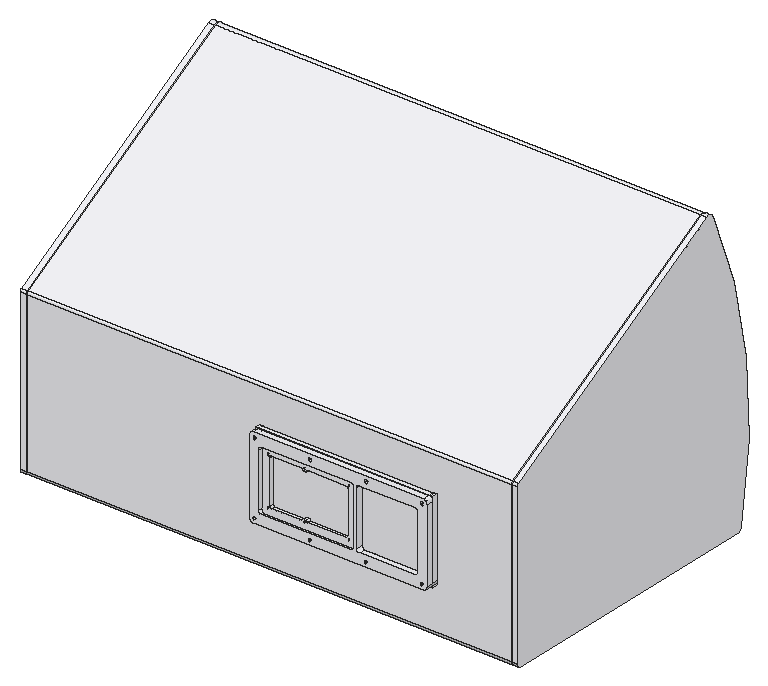
Revit family "EVU-1082", category Communication Devices, Revit 2017 (continued)
Definition of nested family "InputPanel_small"
  Lines and regions (mm)
    model lines
      curve 1018: line (-29.388, -4.337, 44.73) -> (-28.702, -4.337, 45.289)
      curve 1019: line (-28.702, -4.337, 45.289) -> (-27.893, -4.337, 45.486)
      curve 1020: line (-27.893, -4.337, 45.486) -> (-27.083, -4.337, 45.289)
      curve 1021: line (-27.083, -4.337, 45.289) -> (-26.397, -4.337, 44.729)
      curve 1022: line (-26.397, -4.337, 44.729) -> (-25.943, -4.337, 43.898)
      curve 1023: line (-25.939, -4.337, 43.892) -> (-25.655, -4.337, 42.903)
      curve 1024: line (-25.655, -4.337, 42.903) -> (-24.963, -4.337, 42.903)
      curve 1025: line (-24.963, -4.337, 42.903) -> (-22.846, -4.337, 42.903)
      curve 1026: line (-22.846, -4.337, 42.903) -> (-22.846, -4.337, 46.056)
      curve 1027: line (-25.779, -4.337, 30.291) -> (-25.941, -4.337, 29.303)
      curve 1028: line (-25.941, -4.337, 29.303) -> (-26.399, -4.337, 28.465)
      curve 1029: line (-26.399, -4.337, 28.465) -> (-27.085, -4.337, 27.905)
      curve 1030: line (-27.085, -4.337, 27.905) -> (-27.895, -4.337, 27.709)
      curve 1031: line (-27.895, -4.337, 27.709) -> (-28.704, -4.337, 27.906)
      curve 1032: line (-28.704, -4.337, 27.906) -> (-29.39, -4.337, 28.465)
      curve 1033: line (-29.39, -4.337, 28.465) -> (-29.849, -4.337, 29.303)
      curve 1034: line (-29.849, -4.337, 29.303) -> (-30.01, -4.337, 30.291)
      curve 1035: line (-30.01, -4.337, 30.291) -> (-29.849, -4.337, 31.279)
      curve 1036: line (-29.849, -4.337, 31.279) -> (-29.39, -4.337, 32.117)
      curve 1037: line (-29.39, -4.337, 32.117) -> (-28.704, -4.337, 32.677)
      curve 1038: line (-28.704, -4.337, 32.677) -> (-27.894, -4.337, 32.873)
      curve 1039: line (-27.894, -4.337, 32.873) -> (-27.085, -4.337, 32.676)
      curve 1040: line (-27.085, -4.337, 32.676) -> (-26.399, -4.337, 32.117)
      curve 1041: line (-26.399, -4.337, 32.117) -> (-25.944, -4.337, 31.286)
      curve 1042: line (-25.94, -4.337, 31.279) -> (-25.657, -4.337, 30.291)
      curve 1043: line (-25.657, -4.337, 30.291) -> (-24.965, -4.337, 30.291)
      curve 1044: line (-24.965, -4.337, 30.291) -> (-22.847, -4.337, 30.29)
      curve 1045: line (-22.847, -4.337, 30.29) -> (-22.848, -4.337, 36.486)
      curve 1046: line (-28.709, -4.337, 20.832) -> (-28.921, -4.337, 20.832)
      curve 1047: line (-28.921, -4.337, 20.832) -> (-28.921, -4.337, 21.175)
      curve 1048: line (-28.842, -4.337, 21.313) -> (-28.709, -4.337, 21.439)
      curve 1049: line (-28.709, -4.337, 21.439) -> (-28.709, -4.337, 20.832)
      curve 1050: line (-28.709, -4.337, 20.832) -> (-27.082, -4.337, 20.831)
      curve 1051: line (-27.082, -4.337, 20.831) -> (-27.082, -4.337, 21.438)
      curve 1052: line (-27.081, -4.337, 27.746) -> (-27.082, -4.337, 26.531)
      curve 1053: line (-27.081, -4.337, 34.051) -> (-27.081, -4.337, 32.836)
      curve 1054: line (-27.08, -4.337, 40.358) -> (-27.08, -4.337, 39.143)
      curve 1055: line (-28.706, -4.337, 46.057) -> (-28.918, -4.337, 46.057)
      curve 1056: line (-28.918, -4.337, 46.057) -> (-28.918, -4.337, 45.691)
      curve 1057: line (-28.839, -4.337, 45.575) -> (-28.706, -4.337, 45.449)
      curve 1058: line (-28.706, -4.337, 45.449) -> (-28.706, -4.337, 46.057)
      curve 1059: line (-28.706, -4.337, 46.057) -> (-27.079, -4.337, 46.057)
      curve 1060: line (-27.079, -4.337, 46.057) -> (-27.079, -4.337, 45.449)
      curve 1061: line (-28.919, -4.337, 40.095) -> (-28.915, -4.337, 39.417)
      curve 1062: line (-28.84, -4.337, 39.27) -> (-28.707, -4.337, 39.144)
      curve 1063: line (-28.707, -4.337, 39.144) -> (-28.707, -4.337, 40.359)
      curve 1064: line (-28.707, -4.337, 40.359) -> (-28.84, -4.337, 40.232)
      curve 1065: line (-28.708, -4.337, 34.051) -> (-28.708, -4.337, 32.836)
      curve 1066: line (-28.708, -4.337, 32.836) -> (-28.841, -4.337, 32.963)
      curve 1067: line (-28.92, -4.337, 33.078) -> (-28.919, -4.337, 33.787)
      curve 1068: line (-28.841, -4.337, 33.925) -> (-28.708, -4.337, 34.051)
      curve 1069: line (-28.92, -4.337, 27.482) -> (-28.917, -4.337, 26.804)
      curve 1070: line (-28.842, -4.337, 26.657) -> (-28.709, -4.337, 26.531)
      curve 1071: line (-28.709, -4.337, 26.531) -> (-28.708, -4.337, 27.746)
      curve 1072: line (-28.708, -4.337, 27.746) -> (-28.842, -4.337, 27.62)
      curve 1073: line (-24.272, -4.337, 33.155) -> (-26.389, -4.337, 33.155)
      curve 1074: line (-26.389, -4.337, 33.155) -> (-26.389, -4.337, 33.732)
      curve 1075: line (-26.389, -4.337, 33.732) -> (-24.272, -4.337, 33.731)
      curve 1076: line (-24.272, -4.337, 33.731) -> (-24.272, -4.337, 33.155)
      curve 1077: line (-24.271, -4.337, 39.462) -> (-24.271, -4.337, 40.039)
      curve 1078: line (-24.271, -4.337, 40.039) -> (-26.388, -4.337, 40.039)
      curve 1079: line (-26.388, -4.337, 40.039) -> (-26.388, -4.337, 39.463)
      curve 1080: line (-26.388, -4.337, 39.463) -> (-24.271, -4.337, 39.462)
      curve 1081: line (-24.272, -4.337, 26.85) -> (-24.272, -4.337, 27.426)
      curve 1082: line (-24.272, -4.337, 27.426) -> (-26.39, -4.337, 27.426)
      curve 1083: line (-26.39, -4.337, 27.426) -> (-26.39, -4.337, 26.85)
      curve 1084: line (-26.39, -4.337, 26.85) -> (-24.272, -4.337, 26.85)
      curve 1085: line (-26.388, -4.337, 46.057) -> (-24.27, -4.337, 46.056)
      curve 1086: line (-24.27, -4.337, 46.056) -> (-24.27, -4.337, 45.768)
      curve 1087: line (-24.27, -4.337, 45.768) -> (-26.388, -4.337, 45.768)
      curve 1088: line (-26.388, -4.337, 45.768) -> (-26.388, -4.337, 46.057)
      curve 1089: line (-26.388, -4.337, 46.057) -> (-27.079, -4.337, 46.057)
      curve 1090: line (-27.082, -4.337, 20.831) -> (-26.391, -4.337, 20.831)
      curve 1091: line (-26.391, -4.337, 20.831) -> (-26.391, -4.337, 21.119)
      curve 1092: line (-26.391, -4.337, 21.119) -> (-24.273, -4.337, 21.119)
      curve 1093: line (-24.273, -4.337, 21.119) -> (-24.273, -4.337, 20.831)
      curve 1094: line (-24.273, -4.337, 20.831) -> (-26.391, -4.337, 20.831)
      curve 1095: line (-25.785, -4.337, 36.802) -> (-27.579, -4.337, 34.613)
      curve 1096: line (-27.579, -4.337, 34.613) -> (-27.088, -4.337, 34.281)
      curve 1097: line (-25.785, -4.337, 43.108) -> (-27.578, -4.337, 40.92)
      curve 1098: line (-27.578, -4.337, 40.92) -> (-27.087, -4.337, 40.587)
      curve 1099: line (-25.812, -4.337, 37.057) -> (-27.412, -4.337, 35.105)
      curve 1100: line (-27.412, -4.337, 35.105) -> (-27.981, -4.337, 35.105)
      curve 1101: line (-27.981, -4.337, 35.105) -> (-25.943, -4.337, 37.592)
      curve 1102: line (-25.812, -4.337, 43.363) -> (-27.411, -4.337, 41.411)
      curve 1103: line (-27.411, -4.337, 41.411) -> (-27.981, -4.337, 41.411)
      curve 1104: line (-27.981, -4.337, 41.411) -> (-25.943, -4.337, 43.898)
      curve 1105: line (-25.786, -4.337, 30.496) -> (-27.579, -4.337, 28.307)
      curve 1106: line (-27.579, -4.337, 28.307) -> (-27.088, -4.337, 27.974)
      curve 1107: line (-25.787, -4.337, 24.189) -> (-27.58, -4.337, 22.001)
      curve 1108: line (-27.58, -4.337, 22.001) -> (-27.089, -4.337, 21.668)
      curve 1109: line (-25.814, -4.337, 24.444) -> (-27.413, -4.337, 22.492)
      curve 1110: line (-27.413, -4.337, 22.492) -> (-27.983, -4.337, 22.492)
      curve 1111: line (-27.983, -4.337, 22.492) -> (-25.945, -4.337, 24.979)
      curve 1112: line (-25.813, -4.337, 30.75) -> (-27.412, -4.337, 28.798)
      curve 1113: line (-27.412, -4.337, 28.798) -> (-27.982, -4.337, 28.799)
      curve 1114: line (-27.982, -4.337, 28.799) -> (-25.944, -4.337, 31.286)
      curve 1115: line (-22.849, -4.337, 23.874) -> (-22.85, -4.337, 20.831)
      curve 1116: line (-22.85, -4.337, 20.831) -> (-17.426, -4.337, 20.83)
      curve 1117: line (-17.426, -4.337, 20.83) -> (-17.423, -4.337, 46.056)
      curve 1118: line (-17.423, -4.337, 46.056) -> (-22.846, -4.337, 46.056)
      curve 1119: line (-22.846, -4.337, 46.056) -> (-24.27, -4.337, 46.056)
      curve 1120: line (-24.27, -4.337, 46.056) -> (-21.157, -4.337, 46.184)
      curve 1121: line (-21.157, -4.337, 46.184) -> (-21.035, -4.337, 46.361)
      curve 1122: line (-24.273, -4.337, 20.831) -> (-22.85, -4.337, 20.831)
      curve 1123: line (-16.642, -4.337, 39.451) -> (-16.643, -4.337, 33.939)
      curve 1124: line (-16.643, -4.337, 33.939) -> (-12.428, -4.337, 33.939)
      curve 1125: line (-12.428, -4.337, 33.939) -> (-12.427, -4.337, 39.451)
      curve 1126: line (-12.427, -4.337, 39.451) -> (-16.642, -4.337, 39.451)
      curve 1127: line (-12.427, -4.337, 40.047) -> (-12.426, -4.337, 45.558)
      curve 1128: line (-12.426, -4.337, 45.558) -> (-16.641, -4.337, 45.559)
      curve 1129: line (-16.641, -4.337, 45.559) -> (-16.642, -4.337, 40.047)
      curve 1130: line (-16.642, -4.337, 40.047) -> (-12.427, -4.337, 40.047)
      curve 1131: line (-17.1, -4.337, 20.83) -> (-17.097, -4.337, 46.055)
      curve 1132: line (-17.097, -4.337, 46.055) -> (-11.97, -4.337, 46.055)
      curve 1133: line (-11.97, -4.337, 46.055) -> (-11.974, -4.337, 20.83)
      curve 1134: line (-11.974, -4.337, 20.83) -> (-17.1, -4.337, 20.83)
      curve 1135: line (-17.1, -4.337, 20.83) -> (-17.426, -4.337, 20.83)
      curve 1136: line (-16.644, -4.337, 26.839) -> (-16.644, -4.337, 21.327)
      curve 1137: line (-16.644, -4.337, 21.327) -> (-12.429, -4.337, 21.326)
      curve 1138: line (-12.429, -4.337, 21.326) -> (-12.428, -4.337, 26.838)
      curve 1139: line (-12.428, -4.337, 26.838) -> (-16.644, -4.337, 26.839)
      curve 1140: line (-12.428, -4.337, 27.434) -> (-12.428, -4.337, 32.946)
      curve 1141: line (-12.428, -4.337, 32.946) -> (-16.643, -4.337, 32.946)
      curve 1142: line (-16.643, -4.337, 32.946) -> (-16.644, -4.337, 27.434)
      curve 1143: line (-16.644, -4.337, 27.434) -> (-12.428, -4.337, 27.434)
      curve 1144: line (-17.097, -4.337, 46.055) -> (-17.423, -4.337, 46.056)
      curve 1145: line (-17.423, -4.337, 46.056) -> (-14.161, -4.337, 46.183)
      curve 1146: line (-14.161, -4.337, 46.183) -> (-14.039, -4.337, 46.36)
      curve 1147: line (-14.039, -4.337, 46.36) -> (-17.172, -4.337, 46.36)
      curve 1148: line (-17.172, -4.337, 46.36) -> (-17.294, -4.337, 46.183)
      curve 1149: line (-16.642, -4.337, 38.284) -> (-15.234, -4.337, 38.284)
      curve 1150: line (-15.234, -4.337, 38.284) -> (-14.908, -4.337, 38.972)
      curve 1151: line (-14.908, -4.337, 38.972) -> (-14.523, -4.337, 39.451)
      curve 1152: line (-16.644, -4.337, 25.672) -> (-15.235, -4.337, 25.671)
      curve 1153: line (-15.235, -4.337, 25.671) -> (-14.91, -4.337, 26.36)
      curve 1154: line (-14.91, -4.337, 26.36) -> (-14.525, -4.337, 26.838)
      curve 1155: line (-16.644, -4.337, 28.601) -> (-15.235, -4.337, 28.601)
      curve 1156: line (-15.235, -4.337, 28.601) -> (-14.91, -4.337, 27.913)
      curve 1157: line (-14.91, -4.337, 27.913) -> (-14.525, -4.337, 27.434)
      curve 1158: line (-16.642, -4.337, 41.214) -> (-15.234, -4.337, 41.214)
      curve 1159: line (-15.234, -4.337, 41.214) -> (-14.908, -4.337, 40.526)
      curve 1160: line (-14.908, -4.337, 40.526) -> (-14.523, -4.337, 40.047)
      curve 1161: line (-16.643, -4.337, 31.978) -> (-15.235, -4.337, 31.978)
      curve 1162: line (-15.235, -4.337, 31.978) -> (-14.909, -4.337, 32.666)
      curve 1163: line (-14.909, -4.337, 32.666) -> (-14.684, -4.337, 32.946)
      curve 1164: line (-16.642, -4.337, 44.591) -> (-15.233, -4.337, 44.59)
      curve 1165: line (-15.233, -4.337, 44.59) -> (-14.908, -4.337, 45.278)
      curve 1166: line (-14.908, -4.337, 45.278) -> (-14.682, -4.337, 45.559)
      curve 1167: line (-16.643, -4.337, 34.908) -> (-15.234, -4.337, 34.907)
      curve 1168: line (-15.234, -4.337, 34.907) -> (-14.909, -4.337, 34.219)
      curve 1169: line (-14.684, -4.337, 33.939) -> (-14.909, -4.337, 34.219)
      curve 1170: line (-14.909, -4.337, 34.219) -> (-14.908, -4.337, 38.972)
      curve 1171: line (-16.644, -4.337, 22.295) -> (-15.236, -4.337, 22.295)
      curve 1172: line (-15.236, -4.337, 22.295) -> (-14.911, -4.337, 21.607)
      curve 1173: line (-14.911, -4.337, 21.607) -> (-14.91, -4.337, 26.36)
      curve 1174: line (-14.685, -4.337, 21.327) -> (-14.911, -4.337, 21.607)
      curve 1175: line (-15.235, -4.337, 28.601) -> (-15.235, -4.337, 31.978)
      curve 1176: line (-15.234, -4.337, 41.214) -> (-15.233, -4.337, 44.59)
      curve 1177: line (-15.235, -4.337, 25.671) -> (-15.236, -4.337, 22.295)
      curve 1178: line (-15.234, -4.337, 38.284) -> (-15.234, -4.337, 34.907)
      curve 1179: line (-17.172, -4.337, 46.36) -> (-17.172, -4.337, 46.622)
      curve 1180: line (-17.172, -4.337, 46.622) -> (-14.039, -4.337, 46.621)
      curve 1181: line (-14.039, -4.337, 46.621) -> (-14.039, -4.337, 46.36)
      curve 1182: line (-17.172, -4.337, 46.622) -> (-17.753, -4.337, 46.622)
      curve 1183: line (-17.753, -4.337, 46.622) -> (-17.753, -4.337, 46.36)
      curve 1184: line (-17.753, -4.337, 46.36) -> (-17.631, -4.337, 46.183)
      curve 1185: line (-13.525, -4.337, 40.047) -> (-13.524, -4.337, 45.558)
      curve 1186: line (-13.527, -4.337, 27.434) -> (-13.526, -4.337, 32.946)
      curve 1187: line (-13.527, -4.337, 21.326) -> (-13.527, -4.337, 26.838)
      curve 1188: line (-13.526, -4.337, 33.939) -> (-13.525, -4.337, 39.451)
      curve 1189: line (-14.91, -4.337, 27.913) -> (-14.909, -4.337, 32.666)
      curve 1190: line (-14.908, -4.337, 40.526) -> (-14.908, -4.337, 45.278)
      curve 1191: line (-24.168, -4.337, 46.361) -> (-24.29, -4.337, 46.184)
      curve 1192: line (-24.168, -4.337, 46.622) -> (-24.168, -4.337, 46.361)
      curve 1193: line (-24.168, -4.337, 46.361) -> (-21.035, -4.337, 46.361)
      curve 1194: line (-21.035, -4.337, 46.361) -> (-21.035, -4.337, 46.622)
      curve 1195: line (-21.035, -4.337, 46.622) -> (-24.168, -4.337, 46.622)
      curve 1196: line (-24.168, -4.337, 46.622) -> (-24.749, -4.337, 46.623)
      curve 1197: line (-24.749, -4.337, 46.623) -> (-24.749, -4.337, 46.361)
      curve 1198: line (-24.749, -4.337, 46.361) -> (-24.627, -4.337, 46.184)
      curve 1199: line (-50.251, -4.337, 21.031) -> (-50.248, -4.337, 45.862)
      curve 1200: line (-50.193, -4.337, 45.807) -> (-50.196, -4.337, 21.086)
      curve 1201: line (-49.239, -4.337, 46.871) -> (-11.796, -4.337, 46.867)
      curve 1202: line (-11.851, -4.337, 46.812) -> (-49.184, -4.337, 46.816)
      curve 1203: line (-10.787, -4.337, 45.858) -> (-10.79, -4.337, 21.027)
      curve 1204: line (-10.79, -4.337, 21.029) -> (-10.842, -4.337, 45.803)
      curve 1205: line (-11.799, -4.337, 20.018) -> (-49.243, -4.337, 20.022)
      curve 1206: line (-49.188, -4.337, 20.077) -> (-11.854, -4.337, 20.073)
      curve 1207: line (-32.649, -4.337, 30.292) -> (-31.03, -4.337, 30.291)
      curve 1208: line (-31.03, -4.337, 30.291) -> (-30.696, -4.337, 30.291)
      curve 1209: line (-32.65, -4.337, 23.985) -> (-31.031, -4.337, 23.985)
      curve 1210: line (-31.031, -4.337, 23.985) -> (-30.698, -4.337, 23.985)
      curve 1211: line (-32.649, -4.337, 36.598) -> (-31.029, -4.337, 36.598)
      curve 1212: line (-31.029, -4.337, 36.598) -> (-30.696, -4.337, 36.598)
      curve 1213: line (-32.648, -4.337, 42.904) -> (-31.028, -4.337, 42.904)
      curve 1214: line (-31.028, -4.337, 42.904) -> (-30.695, -4.337, 42.904)
      curve 1215: line (-28.39, -4.337, 36.597) -> (-30.009, -4.337, 36.598)
      curve 1216: line (-30.009, -4.337, 36.598) -> (-30.343, -4.337, 36.598)
      curve 1217: line (-28.389, -4.337, 42.904) -> (-30.008, -4.337, 42.904)
      curve 1218: line (-30.008, -4.337, 42.904) -> (-30.341, -4.337, 42.904)
      curve 1219: line (-28.39, -4.337, 30.291) -> (-30.01, -4.337, 30.291)
      curve 1220: line (-30.01, -4.337, 30.291) -> (-30.343, -4.337, 30.291)
      curve 1221: line (-28.391, -4.337, 23.985) -> (-30.011, -4.337, 23.985)
      curve 1222: line (-30.011, -4.337, 23.985) -> (-30.344, -4.337, 23.985)
Definition of nested family "EV-L.dwg"
  Parameters (values of type "EV-L.dwg")
    Material = ""
    Default Elevation = 1219.20 mm
  Reference planes
    plane 1 "Center (Front/Back)": y = 0
    plane 2: z = 0
    plane 3 "Center (Left/Right)": x = 0
  Forms (mm)
    Extrusion 1, solid, not visible
      sketch origin (-18.843, -0.5, -73.012) x (-1, 0, 0) y (0, 0, 1)
        loop
          arc (-29.526, 84.261) -> (-30.141, 84.007) -> (-30.395, 83.392) r 0.869
          line (-30.395, 83.392) -> (-30.395, 62.633)
          arc (-30.395, 62.633) -> (-30.141, 62.018) -> (-29.526, 61.764) r 0.869
          line (-29.526, 61.764) -> (-8.052, 61.764)
          arc (-8.052, 61.764) -> (-7.438, 62.018) -> (-7.183, 62.633) r 0.869
          line (-7.183, 62.633) -> (-7.183, 83.392)
          arc (-7.183, 83.392) -> (-7.438, 84.007) -> (-8.052, 84.261) r 0.869
          line (-8.052, 84.261) -> (-29.526, 84.261)
      from 0 to -0.5
    Extrusion 2, solid
      sketch origin (-18.843, -5, -73.012) x (-1, 0, 0) y (0, 0, 1)
        loop
          line (-29.491, 83.392) -> (-29.491, 62.633) -> (-8.043, 62.633) -> (-8.043, 83.392) -> (-29.491, 83.392)
        loop
          line (-27.027, 79.951) -> (-27.027, 69.549) -> (-20.429, 69.549) -> (-20.429, 71.809) -> (-24.55, 71.809) -> (-24.55, 73.62) -> (-20.429, 73.62) -> (-20.429, 75.88) -> (-24.55, 75.88) -> (-24.55, 77.69) -> (-20.429, 77.69) -> (-20.429, 79.951) -> (-27.027, 79.951)
        loop
          line (-19.452, 75.88) -> (-19.452, 73.62) -> (-17.856, 73.62) -> (-17.856, 65.711) -> (-15.405, 65.711) -> (-9.782, 78.26) -> (-12.45, 78.26) -> (-15.379, 71.666) -> (-15.379, 75.88) -> (-19.452, 75.88)
      from 4.5 to 5
    Extrusion 3, solid
      sketch origin (-0.107, -1, 0) x (-1, 0, 0) y (0, 0, 1)
        loop
          line (10.366, 11.293) -> (-10.467, 11.293)
          arc (-10.467, 11.293) -> (-11.304, 10.947) -> (-11.651, 10.11) r 1.184
          line (-11.651, 10.11) -> (-11.651, -10.023)
          arc (-11.651, -10.023) -> (-11.304, -10.86) -> (-10.467, -11.207) r 1.184
          line (-10.467, -11.207) -> (10.366, -11.207)
          arc (10.366, -11.207) -> (11.203, -10.86) -> (11.549, -10.023) r 1.184
          line (11.549, -10.023) -> (11.549, 10.11)
          arc (11.549, 10.11) -> (11.203, 10.947) -> (10.366, 11.293) r 1.184
      from 0 to 0.5
Types (3, lengths in mm): name | ModelNumber | MaterialRALColour | LoudspeakerMaterial | CTN | GrillMaterial
  (no name) | "F.01U.216.254" | "RAL9010" | 13-plyWeather-resistantBirchEVCoat -RAL9010 | "EVU1082/95WHT" | 16GA Powder-coatedGalvanneal - W
  EVU1082/95Wht_Single_8_Inch_Two_Way_White | "F.01U.216.254" | "RAL9010" | 13-plyWeather-resistantBirchEVCoat -RAL9010 | "EVU1082/95WHT" | 16GA Powder-coatedGalvanneal - W
  EVU1082/95BLK_Single_8_Inch_Two_Way_Black | "F.01U.216.253" | "RAL9004" | 13-plyWeather-resistantBirchEVCoat -RAL9004 | "EVU1082/95BLK" | 16GA Powder-coatedGalvanneal - B
